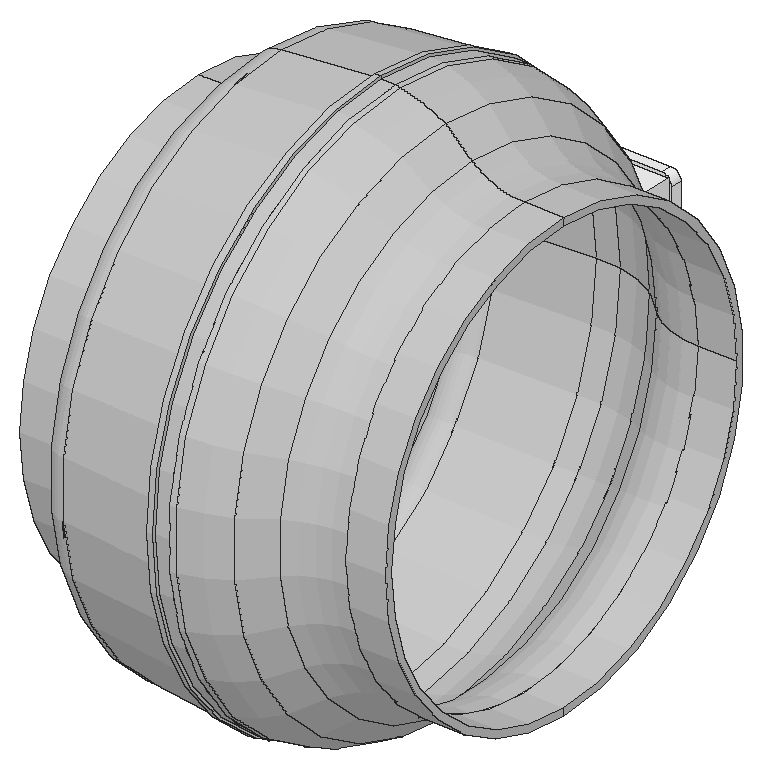
Revit family "CK 315 B EC_7001049", category Mechanical Equipment, Revit 2014
Parameters (values of type "CK 315 B EC")
  Wiring diagram = "4040143"
  Weight = 5.40 kg
  Voltage range = "200-240 / 50/60 V/Hz"
  Voltage = 230 V
  Speed = "2760 rpm"
  Sound pressure level at 3 m = "48 dB(A)"
  Power = 159 W
  Phase = 1
  Max. temperature of transported air when speed controlled = 60 °C
  Max. temperature of transported air = 60 °C
  Main Material = Steel, Galvanized
  Frequency = 50 Hz
  Elevation [instance] = 2801 mm
  Diameter = 314 mm
  Current = 1.22 A
  Capacitor = "- μF"
Reference planes
  plane 1 "Center (Front/Back)": y = 0
  plane 2: z = 0
  plane 3 "Center (Left/Right)": x = 0
  plane 4: z = 2801
Forms (mm)
  Extrusion 1, solid, not visible
    sketch origin (0, 0, 0) x (0, 1, 0) y (0, 0, 1)
      loop
        circle (0, 2801) r 157
    from -128.5 to 128.5
Dimensions and locks
  "Elevation": plane 4 to plane 2
  aligned and locked: level to plane 2
  aligned and locked: plane 3 "Center (Left/Right)" to nested 1
  aligned and locked: plane 1 "Center (Front/Back)" to nested 1
  aligned and locked: plane 1 "Center (Front/Back)" to nested 2
  aligned and locked: plane 3 "Center (Left/Right)" to nested 2
  aligned and locked: nested 1 to plane 4
  aligned and locked: nested 1 to Extrusion 1  (x2)
Automatic sketch dimensions
  Extrusion 1 sketch curve to plane 1 "Center (Front/Back)" = 0 mm
  Extrusion 1 sketch curve to plane 4 = 0 mm
  radius of Extrusion 1 sketch curve = 157 mm
Nested families
  nested 1: "CK 315 B AC_CK 315 C AC_CK 315 C ErP AC_CK 315 B EC_CK 315 C EC_geometry" at (0, 0, 2600), type "CK 315 B AC_CK 315 C AC_CK 315 C ErP AC_CK 315 B EC_CK 315 C EC_geometry"
  nested 2: "Flow direction symbol" at (0, 0, 0), type "Flow direction symbol"
Connectors
  hvac at (-128.5, 0, 2801), driven by "Diameter"
    settings: on Extrusion 1, index 1, duct flow 0.0 L/s, flow factor 0, pres drop 0.0 Pa, loss coef 0, conn angle 0.00°, conn width 304.8 mm, conn height 304.8 mm, conn diameter 314 mm, duct sys type 1, conn prof type 0, flow config 0, flow direction 1, loss method 0, conn ref index -1, conn util no, is conn primary yes, conn desc ""
  hvac at (128.5, 0, 2801), driven by "Diameter"
    settings: on Extrusion 1, index 2, duct flow 0.0 L/s, flow factor 0, pres drop 0.0 Pa, loss coef 0, conn angle 0.00°, conn width 304.8 mm, conn height 304.8 mm, conn diameter 314 mm, duct sys type 3, conn prof type 0, flow config 0, flow direction 2, loss method 0, conn ref index -1, conn util no, is conn primary no, conn desc ""
  electrical at (-29.127, 241.81, 2801.884), driven by "Phase", driven by "Voltage"
    settings: on nested 1, index 3, voltage 230 V, apparent load 0 VA, apparent load phase1 0 VA, apparent load phase2 0 VA, apparent load phase3 0 VA, power factor 1, load classification "Other", number of poles 1, system type 31, power factor state 1, is connector primary yes, connector utility no, sub classification motor no, connector description ""
Definition of nested family "CK 315 B AC_CK 315 C AC_CK 315 C ErP AC_CK 315 B EC_CK 315 C EC_geometry"
  Parameters (values of type "CK 315 B AC_CK 315 C AC_CK 315 C ErP AC_CK 315 B EC_CK 315 C EC_geometry")
    Main Material = Steel, Galvanized
  Reference planes
    plane 1 "Center (Front/Back)": y = 0
    plane 2: z = 0
    plane 3 "Center (Left/Right)": x = 0
    plane 4: z = 201
    plane 5: y = 241.81
    plane 6: y = 201
    plane 7: y = -201
    plane 8: x = -128.5
    plane 9: x = 128.5
    plane 10: z = 402
  Forms (mm)
    Revolve 1, solid, material "Steel, Galvanized" <- "Main Material", detail levels coarse
      sketch origin (0, 0, 0) x (1, 0, 0) y (0, 0, 1)
        loop
          line (128.5, 201) -> (-128.5, 201) -> (-128.5, 44) -> (-98.5, 44)
          arc (-98.5, 44) -> (-94.195, 42.474) -> (-91.813, 38.577) r 6.834
          line (-91.813, 38.577) -> (-87.774, 22.379)
          arc (-87.774, 22.379) -> (-81.314, 12.165) -> (-70.036, 7.821) r 19.233
          line (-70.036, 7.821) -> (-15.481, 1.686)
          arc (-15.481, 1.686) -> (-11.577, 1.25) -> (-7.673, 0.822) r 2193.983
          arc (-7.673, 0.822) -> (1.621, 0.111) -> (10.941, 0) r 144.956
          arc (10.941, 0) -> (30.807, 4.234) -> (47.692, 15.527) r 53.842
          arc (47.692, 15.527) -> (60.932, 27.313) -> (75.322, 37.663) r 170.739
          arc (75.322, 37.663) -> (87.504, 42.929) -> (100.733, 44) r 40.746
          line (100.733, 44) -> (128.5, 44) -> (128.5, 201)
        axis (128.5, 201) -> (-128.5, 201)
      angle from 0 to 360
    Extrusion 2, solid, material "Plastic", detail levels medium+fine
      sketch origin (14.375, 82.148, 79.375) x (1, 0, 0) y (0, 0, 1)
        loop
          line (-4.004, 163.259) -> (-83, 163.259)
          arc (-83, 163.259) -> (-87.95, 161.209) -> (-90, 156.259) r 7
          line (-90, 156.259) -> (-90, 90.259)
          arc (-90, 90.259) -> (-87.071, 83.188) -> (-80, 80.259) r 10
          line (-80, 80.259) -> (-7.004, 80.259)
          arc (-7.004, 80.259) -> (0.067, 83.188) -> (2.996, 90.259) r 10
          line (2.996, 90.259) -> (2.996, 156.259)
          arc (2.996, 156.259) -> (0.945, 161.209) -> (-4.004, 163.259) r 7
      from -159.662 to -151.628
    Extrusion 3, solid, material "Plastic", detail levels medium+fine
      sketch origin (14.375, 82.148, 79.375) x (0, 1, 0) y (0, 0, 1)
        loop
          line (118.852, 161.259) -> (118.852, 81.741) -> (151.628, 81.741) -> (151.628, 161.259) -> (118.852, 161.259)
      from -88 to 1
    Revolve 4, solid, material "Steel, Galvanized" <- "Main Material", detail levels medium+fine
      sketch origin (0, 0, 0) x (1, 0, 0) y (0, 0, 1)
        loop
          line (128.5, 201) -> (-128.5, 201) -> (-128.5, 44) -> (-98.5, 44)
          arc (-98.5, 44) -> (-94.195, 42.474) -> (-91.813, 38.577) r 6.834
          line (-91.813, 38.577) -> (-87.739, 22.237)
          arc (-87.739, 22.237) -> (-81.288, 12.081) -> (-70.036, 7.821) r 19.037
          line (-70.036, 7.821) -> (-4.51, 2.088) -> (-4.51, 0) -> (0, 0) -> (0, 1.694) -> (10, 1.694) -> (13.892, 2.38)
          arc (13.892, 2.38) -> (30.152, 6.839) -> (45.306, 14.231) r 90.677
          line (45.306, 14.231) -> (63.885, 30.959)
          arc (63.885, 30.959) -> (81.011, 41.146) -> (100.733, 44) r 51.046
          line (100.733, 44) -> (128.5, 44) -> (128.5, 201)
        axis (128.5, 201) -> (-128.5, 201)
      angle from 0 to 360
    Revolve 5, void
      sketch origin (0, 0, 201) x (1, 0, 0) y (0, 1, 0)
        loop
          line (128.5, 0) -> (-128.5, 0) -> (-128.5, -152) -> (-98.5, -152)
          arc (-98.5, -152) -> (-91.086, -154.61) -> (-86.942, -161.29) r 11.834
          line (-86.942, -161.29) -> (-82.887, -177.553)
          arc (-82.887, -177.553) -> (-78.089, -185.076) -> (-69.726, -188.187) r 14.037
          line (-69.726, -188.187) -> (-4.075, -193.931) -> (13.024, -193.696)
          arc (13.024, -193.696) -> (28.172, -189.564) -> (42.312, -182.736) r 85.677
          line (42.312, -182.736) -> (60.539, -166.325)
          arc (60.539, -166.325) -> (79.279, -155.163) -> (100.861, -152) r 56.046
          line (100.861, -152) -> (128.5, -152) -> (128.5, 0)
        axis (128.5, 0) -> (-128.5, 0)
      angle from 0 to 360
  Cuts and joins
    Revolve 5 cuts Revolve 4
  Dimensions and locks
    plane 10 to level = 402 mm
    aligned and locked: level to plane 2
Definition of nested family "Flow direction symbol"
  Parameters (values of type "Flow direction symbol")
    Warning = "!"
    Text = "DIMENSIONS OVERCONSTRAINT"
  Reference planes
    plane 1: y = 0
    plane 2: x = 0
  Lines and regions (mm)
    detail lines
      curve 1: line (-0.506, 0.877, 0) -> (-0.506, -0.877, 0)
      curve 2: line (1.012, 0, 0) -> (-0.506, -0.877, 0)
      curve 3: line (-0.506, 0.877, 0) -> (1.012, 0, 0)
      curve 4: circle (0, 0, 0) r 1 normal (0, 0, 1)
